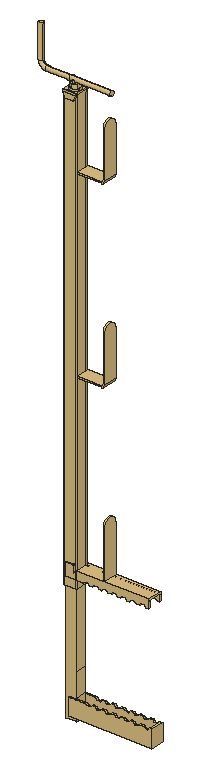
Revit family "EHL_CLAMP HANDRAIL 1m_2211240", category Modelos genéricos, Revit 2018
Family settings
  Puede alojar armadura = No
  Cota de conector redondo = Diámetro de uso
  Tipo de pieza = Normal
  Número OmniClass = 35.51.14.00
  Título OmniClass = FORMWORK
  Se basa en plano de trabajo = Sí
  Siempre vertical = No
  Corte con vacíos al cargar = No
  Compartido = Sí
  Punto de cálculo de habitación = No
Parameters
  VERSION = "20170217"  # constant formula
  URL = "www.ulmaconstruction.com/en"
  UNICLASS = ""
  REAL CLAMP POSITION [instance] = if(CLAMP POSITION < 20.000 mm, 20.000 mm, if(CLAMP POSITION > 700.000 mm, 700.000 mm, CLAMP POSITION))  # 250.000 mm
  Fabricante = "ULMA CONSTRUCTION"  # constant formula
  ITEM_CODE = "2211240"
  FILTER [instance] = ""
  FAMILY_CODE = ""
  Default Elevation = 0.000 mm
  CLASSIFICATION_TITLE = ""
  CLASSIFICATION_NUMBER = ""
  CLAMP POSITION [instance] = 250.000 mm
Reference planes
  plane 1 "Centro (Frontal/Posterior)": y = 0
  plane 2: z = 0
  plane 3 "Centro (Izquierda/Derecha)": x = 0
  plane 4 "REAL CLAMP POSITION": z = -250
  plane 5 "CLAMP POSITION": z = -250
Forms (mm)
  Extrusion 1, solid, material "ULMA BICHROMATE", detail levels fine
    sketch origin (0, 0, 0) x (1, 0, 0) y (0, 0, 1)
      loop
        line (39, 0) -> (42.5, 4) -> (50.5, 4) -> (54, 0) -> (61, 0) -> (64.5, 4) -> (72.5, 4) -> (76, 0) -> (83, 0) -> (86.5, 4) -> (94.5, 4) -> (98, 0) -> (105, 0) -> (108.5, 4) -> (116.5, 4) -> (120, 0) -> (127, 0) -> (130.5, 4) -> (138.5, 4) -> (142, 0) -> (149, 0) -> (152.5, 4) -> (160.5, 4) -> (164, 0) -> (170, 0) -> (170, 15) -> (170, 20) -> (0, 20) -> (0, 0) -> (17, 0) -> (20.5, 4) -> (28.5, 4) -> (32, 0) -> (39, 0)
    from -18 to 18
  Extrusion 2, void
    sketch origin (0, 0, 0) x (0, 1, 0) y (0, 0, 1)
      loop
        line (-15, 15) -> (-15, 0) -> (15, 0) -> (15, 15)
        arc (15, 15) -> (14.414, 16.414) -> (13, 17) r 2
        line (13, 17) -> (-13, 17)
        arc (-13, 17) -> (-14.414, 16.414) -> (-15, 15) r 2
    from 0 to 170
  Extrusion 3, solid, material "ULMA BICHROMATE", detail levels fine
    sketch origin (0, 0, 0) x (1, 0, 0) y (0, 0, 1)
      loop
        line (-24, 28) -> (-24, 0) -> (0, 0) -> (0, 16)
        arc (0, 16) -> (-0.068, 15.482) -> (-0.268, 15) r 2
        arc (-0.268, 15) -> (-2.518, 14.068) -> (-4, 16) r 2
        line (-4, 16) -> (-4, 28)
        arc (-4, 28) -> (-4.586, 29.414) -> (-6, 30) r 2
        line (-6, 30) -> (-22, 30)
        arc (-22, 30) -> (-23.414, 29.414) -> (-24, 28) r 2
    from 15 to 18
  Extrusion 4, solid, material "ULMA BICHROMATE", detail levels fine
    sketch origin (0, 33, 0) x (1, 0, 0) y (0, 0, 1)
      loop
        line (-24, 28) -> (-24, 0) -> (0, 0) -> (0, 16)
        arc (0, 16) -> (-0.068, 15.482) -> (-0.268, 15) r 2
        arc (-0.268, 15) -> (-2.518, 14.068) -> (-4, 16) r 2
        line (-4, 16) -> (-4, 28)
        arc (-4, 28) -> (-4.586, 29.414) -> (-6, 30) r 2
        line (-6, 30) -> (-22, 30)
        arc (-22, 30) -> (-23.414, 29.414) -> (-24, 28) r 2
    from 15 to 18
  Extrusion 5, solid, material "ULMA BICHROMATE", detail levels fine
    sketch origin (0, 0, 0) x (1, 0, 0) y (0, 1, 0)
      loop
        arc (-28, 15) -> (-29.414, 14.414) -> (-30, 13) r 2
        line (-30, 13) -> (-30, -13)
        arc (-30, -13) -> (-29.414, -14.414) -> (-28, -15) r 2
        line (-28, -15) -> (-2, -15)
        arc (-2, -15) -> (-0.586, -14.414) -> (0, -13) r 2
        line (0, -13) -> (0, 13)
        arc (0, 13) -> (-0.586, 14.414) -> (-2, 15) r 2
        line (-2, 15) -> (-28, 15)
      loop
        line (-28, -13) -> (-2, -13) -> (-2, 13) -> (-28, 13) -> (-28, -13)
    from -20 to 1010
  Extrusion 6, solid, material "ULMA BICHROMATE", detail levels fine
    sketch origin (0, 0, 0) x (0, 1, 0) y (0, 0, 1)
      loop
        arc (15, 131) -> (0, 146) -> (-15, 131) r 15
        line (-15, 131) -> (-15, 20) -> (15, 20) -> (15, 131)
    from 62 to 66
  Extrusion 7, solid, material "ULMA BICHROMATE", detail levels fine
    sketch origin (0, 0, 0) x (1, 0, 0) y (0, 0, 1)
      loop
        line (0, 850) -> (0, 846) -> (58, 846)
        arc (58, 846) -> (63.657, 848.343) -> (66, 854) r 8
        line (66, 854) -> (62, 854)
        arc (62, 854) -> (60.828, 851.172) -> (58, 850) r 4
        line (58, 850) -> (0, 850)
      loop
        line (0, 425) -> (0, 421) -> (58, 421)
        arc (58, 421) -> (63.657, 423.343) -> (66, 429) r 8
        line (66, 429) -> (62, 429)
        arc (62, 429) -> (60.828, 426.172) -> (58, 425) r 4
        line (58, 425) -> (0, 425)
    from -15 to 15
  Extrusion 8, solid, material "ULMA BICHROMATE", detail levels fine
    sketch origin (0, 0, 0) x (0, 1, 0) y (0, 0, 1)
      loop
        arc (15, 961) -> (0, 976) -> (-15, 961) r 15
        line (-15, 961) -> (-15, 854) -> (15, 854) -> (15, 961)
      loop
        arc (15, 536) -> (0, 551) -> (-15, 536) r 15
        line (-15, 536) -> (-15, 429) -> (15, 429) -> (15, 536)
    from 62 to 66
  Sweep 9, solid, material "ULMA BICHROMATE", detail levels fine
    path origin (0, 0, 0) x (1, 0, 0) y (0, 0, 1)
      loop
        line (-95, 1122.5) -> (-95, 1044.917)
        arc (-95, 1044.917) -> (-90.777, 1034.723) -> (-80.583, 1030.5) r 14.417
        line (-80.583, 1030.5) -> (-24.711, 1030.5) -> (70, 1030.5)
    profile origin (-95, 0, 1083.708) x (0, -1, 0) y (1, 0, 0)
      loop
        circle (0, 0) r 5
  Extrusion 10, solid, material "ULMA BICHROMATE", detail levels fine
    sketch origin (0, 0, 0) x (1, 0, 0) y (0, 0, 1)
      loop
        line (-30, 1010) -> (-25.987, 998.974)
        arc (-25.987, 998.974) -> (-24.888, 997.543) -> (-23.168, 997) r 3
        line (-23.168, 997) -> (-6.832, 997)
        arc (-6.832, 997) -> (-5.112, 997.543) -> (-4.013, 998.974) r 3
        line (-4.013, 998.974) -> (0, 1010) -> (0, 1013) -> (-30, 1013) -> (-30, 1010)
    from 15 to 18
  Extrusion 11, solid, material "ULMA BICHROMATE", detail levels fine
    sketch origin (0, 33, -0.002) x (1, 0, 0) y (0, 0, 1)
      loop
        line (-30, 1010) -> (-25.987, 998.974)
        arc (-25.987, 998.974) -> (-24.888, 997.543) -> (-23.168, 997) r 3
        line (-23.168, 997) -> (-6.832, 997)
        arc (-6.832, 997) -> (-5.112, 997.543) -> (-4.013, 998.974) r 3
        line (-4.013, 998.974) -> (0, 1010) -> (0, 1013) -> (-30, 1013) -> (-30, 1010)
    from 15 to 18
  Extrusion 12, solid, material "ULMA BICHROMATE"
    sketch origin (0, 0, 0) x (0, 1, 0) y (0, 0, 1)
      loop
        line (-18, 1013) -> (-18, 1010) -> (18, 1010) -> (18, 1013) -> (-18, 1013)
    from 0 to -30
  Extrusion 13, solid, material "ULMA BICHROMATE", detail levels fine
    sketch origin (0, 0, 0) x (1, 0, 0) y (0, 1, 0)
      loop
        circle (-15, 0) r 6
    from 30.5 to 1030.5
  Extrusion 14, solid, material "ULMA BICHROMATE", detail levels fine
    sketch origin (0, 0, 0) x (1, 0, 0) y (0, 1, 0)
      loop
        line (-15, 10.55) -> (-24.5, 5) -> (-24.5, -5.065) -> (-15, -10.55) -> (-5.5, -5.065) -> (-5.5, 5.065) -> (-15, 10.55)
    from 1015.5 to 1025.5
  Extrusion 15, solid, material "ULMA BICHROMATE", detail levels fine
    sketch origin (0, 0, 0) x (1, 0, 0) y (0, 1, 0)
      loop
        arc (-4.091, 5) -> (-15, 12) -> (-25.909, 5) r 12
        arc (-25.909, 5) -> (-26.724, 2.559) -> (-27, 0) r 12
        arc (-27, 0) -> (-26.724, -2.559) -> (-25.909, -5) r 12
        arc (-25.909, -5) -> (-15, -12) -> (-4.091, -5) r 12
        arc (-4.091, -5) -> (-3, 0) -> (-4.091, 5) r 12
    from 1015.5 to 1013
  Extrusion 16, solid, material "ULMA BICHROMATE", detail levels fine
    sketch origin (0, 0, -175) x (1, 0, 0) y (0, 0, 1)
      loop
        line (-25.5, -123) -> (-4.5, -123) -> (-2.5, -123) -> (-2.5, -115) -> (-2.5, -75) -> (-2.5, -20) -> (-2.5, 843) -> (-2.5, 845.25) -> (-2.5, 846.25) -> (-2.5, 848) -> (-2.5, 860) -> (-2.5, 861) -> (-2.5, 862) -> (-2.5, 864.959) -> (-2.5, 877) -> (-4.5, 877) -> (-25.5, 877) -> (-27.5, 877) -> (-27.5, 864.959) -> (-27.5, 862) -> (-27.5, 861) -> (-27.5, 860) -> (-27.5, 848) -> (-27.5, 846.25) -> (-27.5, 845.25) -> (-27.5, 843) -> (-27.5, -20) -> (-27.5, -123) -> (-25.5, -123)
    from -12.5 to 12.5
  Extrusion 17, solid, material "ULMA BICHROMATE", not visible, detail levels fine
    sketch origin (0, 0, 0) x (1, 0, 0) y (0, 0, 1)
      loop
        line (-25.5, -123) -> (-4.5, -123) -> (-2.5, -123) -> (-2.5, -115) -> (-2.5, -75) -> (-2.5, -20) -> (-2.5, 843) -> (-2.5, 845.25) -> (-2.5, 846.25) -> (-2.5, 848) -> (-2.5, 860) -> (-2.5, 861) -> (-2.5, 862) -> (-2.5, 864.959) -> (-2.5, 877) -> (-4.5, 877) -> (-25.5, 877) -> (-27.5, 877) -> (-27.5, 864.959) -> (-27.5, 862) -> (-27.5, 861) -> (-27.5, 860) -> (-27.5, 848) -> (-27.5, 846.25) -> (-27.5, 845.25) -> (-27.5, 843) -> (-27.5, -20) -> (-27.5, -123) -> (-25.5, -123)
    from -12.5 to 12.5
  Extrusion 18, solid, material "ULMA BICHROMATE", detail levels coarse+medium
    sketch origin (0, 0, 0) x (0, 1, 0) y (0, 0, 1)
      loop
        line (-18, 20) -> (-18, 0) -> (18, 0) -> (18, 20) -> (-18, 20)
    from 0 to 170
  Extrusion 19, solid, material "ULMA BICHROMATE", detail levels coarse+medium
    sketch origin (0, 0, 0) x (1, 0, 0) y (0, 0, 1)
      loop
        line (0, -298) -> (0, 1009.998) -> (-30, 1009.998) -> (-30, -298) -> (0, -298)
    from -15 to 15
  Extrusion 20, solid, material "ULMA BICHROMATE", detail levels fine
    sketch origin (0, 0, -30) x (1, 0, 0) y (0, 0, 1)
      loop
        line (169.5, -220) -> (166, -224) -> (158, -224) -> (154.5, -220) -> (147.5, -220) -> (144, -224) -> (136, -224) -> (132.5, -220) -> (125.5, -220) -> (122, -224) -> (114, -224) -> (110.5, -220) -> (103.5, -220) -> (100, -224) -> (92, -224) -> (88.5, -220) -> (81.5, -220) -> (78, -224) -> (70, -224) -> (66.5, -220) -> (59.5, -220) -> (56, -224) -> (48, -224) -> (44.5, -220) -> (37.5, -220) -> (34, -224) -> (26, -224) -> (22.5, -220) -> (-17.5, -220) -> (-17.5, -260) -> (170, -260) -> (175, -260) -> (175, -220) -> (169.5, -220)
    from -15.5 to 15.5
  Extrusion 21, solid, material "ULMA BICHROMATE", not visible, detail levels fine
    sketch origin (0, 0, 145) x (1, 0, 0) y (0, 0, 1)
      loop
        line (169.5, -220) -> (166, -224) -> (158, -224) -> (154.5, -220) -> (147.5, -220) -> (144, -224) -> (136, -224) -> (132.5, -220) -> (125.5, -220) -> (122, -224) -> (114, -224) -> (110.5, -220) -> (103.5, -220) -> (100, -224) -> (92, -224) -> (88.5, -220) -> (81.5, -220) -> (78, -224) -> (70, -224) -> (66.5, -220) -> (59.5, -220) -> (56, -224) -> (48, -224) -> (44.5, -220) -> (37.5, -220) -> (34, -224) -> (26, -224) -> (22.5, -220) -> (-17.5, -220) -> (-17.5, -260) -> (170, -260) -> (175, -260) -> (175, -220) -> (169.5, -220)
    from -15.5 to 15.5
  Extrusion 22, void
    sketch origin (0, 0, -30) x (1, 0, 0) y (0, 0, 1)
      loop
        line (-2.5, -260) -> (170, -260) -> (170, -220) -> (-2.5, -220) -> (-2.5, -260)
    from -12.5 to 12.5
  Extrusion 23, void, not visible
    sketch origin (0, 0, 145) x (1, 0, 0) y (0, 0, 1)
      loop
        line (-2.5, -260) -> (170, -260) -> (170, -220) -> (-2.5, -220) -> (-2.5, -260)
    from -12.5 to 12.5
  Extrusion 24, solid, material "ULMA BICHROMATE", detail levels coarse+medium
    sketch origin (0, 0, 250) x (1, 0, 0) y (0, 0, 1)
      loop
        line (175, -540) -> (175, -500) -> (0, -500) -> (0, -540) -> (175, -540)
    from 15.5 to -15.5
  Extrusion 25, solid, material "ULMA BICHROMATE", not visible, detail levels coarse+medium
    sketch origin (0, 0, 425) x (1, 0, 0) y (0, 0, 1)
      loop
        line (175, -540) -> (175, -500) -> (0, -500) -> (0, -540) -> (175, -540)
    from 15.5 to -15.5
Cuts and joins
  Extrusion 2 cuts Extrusion 1
  Extrusion 22 cuts Extrusion 16
  Extrusion 22 cuts Extrusion 20
Lines and regions (mm)
  model lines, style "ULMA HANDRAIL", detail levels fine
    curve 1: circle (25, 0, 20) r 4 normal (0, 0, 1)
    curve 2: circle (152, 0, 20) r 7.5 normal (0, 0, 1)
    curve 3: circle (66, 0, 56) r 3.25 normal (1, 0, 0)
    curve 4: circle (66, 0, 91) r 3.323 normal (1, 0, 0)
    curve 5: circle (66, 0, 126) r 3.25 normal (1, 0, 0)
    curve 6: circle (66, 0, 461) r 3.25 normal (1, 0, 0)
    curve 7: circle (66, 0, 496) r 3.323 normal (1, 0, 0)
    curve 8: circle (66, 0, 531) r 3.25 normal (1, 0, 0)
    curve 9: circle (66, 0, 886) r 3.25 normal (1, 0, 0)
    curve 10: circle (66, 0, 921) r 3.323 normal (1, 0, 0)
    curve 11: circle (66, 0, 956) r 3.25 normal (1, 0, 0)
    curve 12: circle (62, 0, 56) r 3.25 normal (1, 0, 0)
    curve 13: circle (62, 0, 91) r 3.323 normal (1, 0, 0)
    curve 14: circle (62, 0, 126) r 3.25 normal (1, 0, 0)
    curve 15: circle (62, 0, 461) r 3.25 normal (1, 0, 0)
    curve 16: circle (62, 0, 496) r 3.323 normal (1, 0, 0)
    curve 17: circle (62, 0, 531) r 3.25 normal (1, 0, 0)
    curve 18: circle (62, 0, 886) r 3.25 normal (1, 0, 0)
    curve 19: circle (62, 0, 921) r 3.323 normal (1, 0, 0)
    curve 20: circle (62, 0, 956) r 3.25 normal (1, 0, 0)
    curve 21: line (-25.5, 10.5, -298) -> (-4.5, 10.5, -298)
    curve 22: line (-4.5, 10.5, -298) -> (-4.5, -10.5, -298)
    curve 23: line (-25.5, -10.5, -298) -> (-25.5, 10.5, -298)
    curve 24: line (-25.5, -10.5, -298) -> (-4.5, -10.5, -298)
Dimensions and locks
  locked: Extrusion 19 to plane 2 at 1009.998
  "REAL CLAMP POSITION": plane 2 to plane 4 "REAL CLAMP POSITION"
  "CLAMP POSITION": plane 2 to plane 5 "CLAMP POSITION"
  aligned and locked: level to plane 2
  aligned and locked: Extrusion 19 to Extrusion 16
Automatic sketch dimensions
  Extrusion 1 sketch curve to plane 3 "Centro (Izquierda/Derecha)" = 0.000 mm
  Extrusion 1 sketch curve to level = 0.000 mm  (x8)
  Extrusion 1 sketch curve to Extrusion 1 sketch curve = 17.000 mm
  level to Extrusion 1 sketch curve = 4.000 mm  (x7)
  Extrusion 1 sketch curve to Extrusion 1 sketch curve = 3.500 mm  (x14)
  Extrusion 1 sketch curve to Extrusion 1 sketch curve = 8.000 mm  (x7)
  Extrusion 1 sketch curve to Extrusion 1 sketch curve = 7.000 mm  (x6)
  Extrusion 1 sketch curve to Extrusion 1 sketch curve = 9.500 mm
  Extrusion 1 sketch curve to Extrusion 1 sketch curve = 11.000 mm
  Extrusion 1 sketch curve to Extrusion 1 sketch curve = 5.000 mm
  Extrusion 2 sketch curve to level = 0.000 mm
  plane 1 "Centro (Frontal/Posterior)" to Extrusion 2 sketch curve = 15.000 mm
  Extrusion 2 sketch curve to Extrusion 2 sketch curve = 2.000 mm  (x2)
  Extrusion 2 sketch curve to plane 1 "Centro (Frontal/Posterior)" = 13.000 mm
  level to Extrusion 2 sketch curve = 15.000 mm
  Extrusion 3 sketch curve to Extrusion 3 sketch curve = 0.000 mm  (x3)
  Extrusion 3 sketch curve to level = 0.000 mm
  Extrusion 3 sketch curve to plane 3 "Centro (Izquierda/Derecha)" = 0.000 mm  (x2)
  Extrusion 3 sketch curve to plane 3 "Centro (Izquierda/Derecha)" = 2.000 mm
  Extrusion 3 sketch curve to Extrusion 3 sketch curve = 2.000 mm  (x2)
  Extrusion 3 sketch curve to Extrusion 3 sketch curve = 16.000 mm
  level to Extrusion 3 sketch curve = 16.000 mm
  Extrusion 3 sketch curve to Extrusion 3 sketch curve = 12.000 mm
  Extrusion 3 sketch curve to plane 3 "Centro (Izquierda/Derecha)" = 0.268 mm
  Extrusion 4 sketch curve to Extrusion 4 sketch curve = 0.000 mm  (x3)
  Extrusion 4 sketch curve to level = 0.000 mm
  Extrusion 4 sketch curve to plane 3 "Centro (Izquierda/Derecha)" = 0.000 mm  (x2)
  Extrusion 4 sketch curve to plane 3 "Centro (Izquierda/Derecha)" = 2.000 mm
  Extrusion 4 sketch curve to Extrusion 4 sketch curve = 2.000 mm  (x2)
  Extrusion 4 sketch curve to Extrusion 4 sketch curve = 16.000 mm
  level to Extrusion 4 sketch curve = 16.000 mm
  Extrusion 4 sketch curve to Extrusion 4 sketch curve = 12.000 mm
  Extrusion 4 sketch curve to plane 3 "Centro (Izquierda/Derecha)" = 0.268 mm
  Extrusion 5 sketch curve to plane 3 "Centro (Izquierda/Derecha)" = 0.000 mm
  Extrusion 5 sketch curve to plane 3 "Centro (Izquierda/Derecha)" = 2.000 mm  (x2)
  Extrusion 5 sketch curve to Extrusion 5 sketch curve = 0.000 mm  (x6)
  Extrusion 5 sketch curve to plane 1 "Centro (Frontal/Posterior)" = 13.000 mm
  Extrusion 5 sketch curve to Extrusion 5 sketch curve = 26.000 mm
  Extrusion 5 sketch curve to Extrusion 5 sketch curve = 2.000 mm
  plane 1 "Centro (Frontal/Posterior)" to Extrusion 5 sketch curve = 13.000 mm
  Extrusion 6 sketch curve to plane 1 "Centro (Frontal/Posterior)" = 0.000 mm
  plane 1 "Centro (Frontal/Posterior)" to Extrusion 6 sketch curve = 15.000 mm
  level to Extrusion 6 sketch curve = 20.000 mm
  Extrusion 6 sketch curve to Extrusion 6 sketch curve = 111.000 mm
  Extrusion 7 sketch curve to Extrusion 7 sketch curve = 0.000 mm  (x4)
  Extrusion 7 sketch curve to plane 3 "Centro (Izquierda/Derecha)" = 0.000 mm  (x2)
  plane 3 "Centro (Izquierda/Derecha)" to Extrusion 7 sketch curve = 58.000 mm  (x2)
  Extrusion 7 sketch curve to Extrusion 7 sketch curve = 4.000 mm  (x4)
  level to Extrusion 7 sketch curve = 421.000 mm
  Extrusion 7 sketch curve to Extrusion 7 sketch curve = 421.000 mm
  Extrusion 8 sketch curve to plane 1 "Centro (Frontal/Posterior)" = 0.000 mm  (x2)
  plane 1 "Centro (Frontal/Posterior)" to Extrusion 8 sketch curve = 15.000 mm  (x2)
  level to Extrusion 8 sketch curve = 429.000 mm
  Extrusion 8 sketch curve to Extrusion 8 sketch curve = 107.000 mm  (x2)
  Extrusion 8 sketch curve to Extrusion 8 sketch curve = 318.000 mm
  Sweep 9 sketch curve to plane 3 "Centro (Izquierda/Derecha)" = 95.000 mm
  Sweep 9 sketch curve to Sweep 9 sketch curve = 14.417 mm
  Sweep 9 sketch curve to plane 3 "Centro (Izquierda/Derecha)" = 24.711 mm
  level to Sweep 9 sketch curve = 1030.500 mm
  plane 3 "Centro (Izquierda/Derecha)" to Sweep 9 sketch curve = 70.000 mm
  Sweep 9 sketch curve to Sweep 9 sketch curve = 77.583 mm
  plane 1 "Centro (Frontal/Posterior)" to Sweep 9 sketch curve = 0.000 mm
  Sweep 9 sketch curve to profile plane = 0.000 mm
  Extrusion 10 sketch curve to plane 3 "Centro (Izquierda/Derecha)" = 0.000 mm
  Extrusion 10 sketch curve to plane 3 "Centro (Izquierda/Derecha)" = 4.013 mm
  Extrusion 10 sketch curve to Extrusion 10 sketch curve = 2.819 mm  (x2)
  Extrusion 10 sketch curve to Extrusion 10 sketch curve = 16.336 mm
  Extrusion 10 sketch curve to Extrusion 10 sketch curve = 4.013 mm
  level to Extrusion 10 sketch curve = 997.000 mm
  Extrusion 10 sketch curve to Extrusion 10 sketch curve = 1.974 mm  (x2)
  Extrusion 10 sketch curve to Extrusion 10 sketch curve = 11.026 mm  (x2)
  Extrusion 10 sketch curve to Extrusion 10 sketch curve = 3.000 mm
  Extrusion 11 sketch curve to plane 3 "Centro (Izquierda/Derecha)" = 0.000 mm
  Extrusion 11 sketch curve to plane 3 "Centro (Izquierda/Derecha)" = 4.013 mm
  Extrusion 11 sketch curve to Extrusion 11 sketch curve = 2.819 mm  (x2)
  Extrusion 11 sketch curve to Extrusion 11 sketch curve = 16.336 mm
  Extrusion 11 sketch curve to Extrusion 11 sketch curve = 4.013 mm
  level to Extrusion 11 sketch curve = 996.998 mm
  Extrusion 11 sketch curve to Extrusion 11 sketch curve = 1.974 mm  (x2)
  Extrusion 11 sketch curve to Extrusion 11 sketch curve = 11.026 mm  (x2)
  Extrusion 11 sketch curve to Extrusion 11 sketch curve = 3.000 mm
  plane 1 "Centro (Frontal/Posterior)" to Extrusion 12 sketch curve = 18.000 mm
  Extrusion 12 sketch curve to plane 1 "Centro (Frontal/Posterior)" = 18.000 mm
  level to Extrusion 12 sketch curve = 1010.000 mm
  Extrusion 12 sketch curve to Extrusion 12 sketch curve = 3.000 mm
  plane 1 "Centro (Frontal/Posterior)" to Extrusion 13 sketch curve = 0.000 mm
  Extrusion 13 sketch curve to plane 3 "Centro (Izquierda/Derecha)" = 15.000 mm
  Extrusion 14 sketch curve to plane 1 "Centro (Frontal/Posterior)" = 5.000 mm
  Extrusion 14 sketch curve to plane 3 "Centro (Izquierda/Derecha)" = 24.500 mm
  Extrusion 14 sketch curve to Extrusion 14 sketch curve = 9.500 mm  (x2)
  Extrusion 14 sketch curve to plane 3 "Centro (Izquierda/Derecha)" = 5.500 mm
  plane 1 "Centro (Frontal/Posterior)" to Extrusion 14 sketch curve = 5.065 mm  (x2)
  plane 1 "Centro (Frontal/Posterior)" to Extrusion 14 sketch curve = 10.550 mm
  Extrusion 14 sketch curve to plane 1 "Centro (Frontal/Posterior)" = 5.065 mm
  Extrusion 14 sketch curve to plane 1 "Centro (Frontal/Posterior)" = 10.550 mm
  Extrusion 15 sketch curve to Extrusion 15 sketch curve = 0.000 mm  (x20)
  plane 1 "Centro (Frontal/Posterior)" to Extrusion 15 sketch curve = 0.000 mm
  Extrusion 15 sketch curve to plane 3 "Centro (Izquierda/Derecha)" = 15.000 mm
  plane 1 "Centro (Frontal/Posterior)" to Extrusion 15 sketch curve = 5.000 mm
  Extrusion 15 sketch curve to Extrusion 15 sketch curve = 10.909 mm
  Extrusion 15 sketch curve to plane 1 "Centro (Frontal/Posterior)" = 5.000 mm
  Extrusion 15 sketch curve to plane 3 "Centro (Izquierda/Derecha)" = 4.091 mm  (x2)
  Extrusion 1 to curve 2 = 18.000 mm  (x2)
  curve 1 to Extrusion 1 = 25.000 mm
  Extrusion 1 to curve 1 = 18.000 mm
  curve 3 to Extrusion 8 = 15.000 mm
  curve 4 to Extrusion 8 = 15.000 mm
  curve 5 to Extrusion 8 = 15.000 mm
  curve 6 to Extrusion 8 = 15.000 mm
  curve 7 to Extrusion 8 = 15.000 mm
  curve 8 to Extrusion 8 = 15.000 mm
  curve 9 to Extrusion 8 = 15.000 mm
  curve 10 to Extrusion 8 = 15.000 mm
  curve 11 to Extrusion 8 = 15.000 mm
  Extrusion 8 to curve 3 = 373.000 mm
  curve 3 to curve 4 = 35.000 mm
  curve 4 to curve 5 = 35.000 mm
  curve 6 to Extrusion 8 = 32.000 mm
  curve 6 to curve 7 = 35.000 mm
  curve 7 to curve 8 = 35.000 mm
  curve 9 to Extrusion 8 = 32.000 mm
  curve 9 to curve 10 = 35.000 mm
  curve 10 to curve 11 = 35.000 mm
  Extrusion 6 to curve 12 = 15.000 mm
  Extrusion 6 to curve 13 = 15.000 mm
  Extrusion 6 to curve 14 = 15.000 mm
  Extrusion 6 to curve 15 = 15.000 mm
  Extrusion 6 to curve 16 = 15.000 mm
  Extrusion 6 to curve 17 = 15.000 mm
  Extrusion 6 to curve 18 = 15.000 mm
  Extrusion 6 to curve 19 = 15.000 mm
  Extrusion 6 to curve 20 = 15.000 mm
  Extrusion 6 to curve 12 = 36.000 mm
  curve 12 to curve 13 = 35.000 mm
  curve 13 to curve 14 = 35.000 mm
  curve 14 to curve 15 = 335.000 mm
  curve 15 to curve 16 = 35.000 mm
  curve 16 to curve 17 = 35.000 mm
  curve 17 to curve 18 = 355.000 mm
  curve 18 to curve 19 = 35.000 mm
  curve 19 to curve 20 = 35.000 mm
  curve 21 to Extrusion 16 = 0.000 mm
  curve 23 to Extrusion 16 = 0.000 mm
  curve 21 to Extrusion 16 = 2.000 mm
  curve 23 to Extrusion 16 = 2.000 mm
  Extrusion 18 sketch curve to level = 0.000 mm
  plane 1 "Centro (Frontal/Posterior)" to Extrusion 18 sketch curve = 18.000 mm
  Extrusion 18 sketch curve to plane 1 "Centro (Frontal/Posterior)" = 18.000 mm
  level to Extrusion 18 sketch curve = 20.000 mm
  Extrusion 19 sketch curve to plane 3 "Centro (Izquierda/Derecha)" = 0.000 mm
  Extrusion 19 sketch curve to Extrusion 19 sketch curve = 30.000 mm
  Extrusion 19 sketch curve to plane 4 "REAL CLAMP POSITION" = 48.000 mm
  level to Extrusion 19 sketch curve = 1009.998 mm
  Extrusion 16 sketch curve to Extrusion 16 sketch curve = 2.000 mm  (x3)
  Extrusion 16 sketch curve to Extrusion 16 sketch curve = 21.000 mm  (x2)
  Extrusion 16 sketch curve to Extrusion 16 sketch curve = 8.000 mm
  Extrusion 16 sketch curve to Extrusion 16 sketch curve = 40.000 mm
  Extrusion 16 sketch curve to Extrusion 16 sketch curve = 55.000 mm
  Extrusion 16 sketch curve to Extrusion 16 sketch curve = 0.000 mm  (x2)
  Extrusion 16 sketch curve to Extrusion 16 sketch curve = 863.000 mm
  Extrusion 16 sketch curve to Extrusion 16 sketch curve = 2.250 mm  (x2)
  Extrusion 16 sketch curve to Extrusion 16 sketch curve = 1.000 mm  (x6)
  Extrusion 16 sketch curve to Extrusion 16 sketch curve = 1.750 mm  (x2)
  Extrusion 16 sketch curve to Extrusion 16 sketch curve = 12.000 mm  (x2)
  Extrusion 16 sketch curve to Extrusion 16 sketch curve = 2.959 mm  (x2)
  Extrusion 16 sketch curve to Extrusion 16 sketch curve = 12.041 mm
  Extrusion 24 sketch curve to Extrusion 24 sketch curve = 175.000 mm
  Extrusion 24 sketch curve to Extrusion 24 sketch curve = 40.000 mm
  Extrusion 17 sketch curve to Extrusion 17 sketch curve = 2.000 mm  (x3)
  Extrusion 17 sketch curve to Extrusion 17 sketch curve = 21.000 mm  (x2)
  Extrusion 17 sketch curve to Extrusion 17 sketch curve = 8.000 mm
  Extrusion 17 sketch curve to Extrusion 17 sketch curve = 40.000 mm
  Extrusion 17 sketch curve to Extrusion 17 sketch curve = 55.000 mm
  Extrusion 17 sketch curve to Extrusion 17 sketch curve = 0.000 mm  (x2)
  Extrusion 17 sketch curve to Extrusion 17 sketch curve = 863.000 mm
  Extrusion 17 sketch curve to Extrusion 17 sketch curve = 2.250 mm  (x2)
  Extrusion 17 sketch curve to Extrusion 17 sketch curve = 1.000 mm  (x6)
  Extrusion 17 sketch curve to Extrusion 17 sketch curve = 1.750 mm  (x2)
  Extrusion 17 sketch curve to Extrusion 17 sketch curve = 12.000 mm  (x2)
  Extrusion 17 sketch curve to Extrusion 17 sketch curve = 2.959 mm  (x2)
  Extrusion 17 sketch curve to Extrusion 17 sketch curve = 12.041 mm
  Extrusion 25 sketch curve to Extrusion 25 sketch curve = 175.000 mm
  Extrusion 25 sketch curve to Extrusion 25 sketch curve = 40.000 mm
  radius of Sweep 9 sketch curve = 5.000 mm
  radius of Extrusion 13 sketch curve = 6.000 mm
  radius of curve 1 = 4.000 mm
  radius of curve 2 = 7.500 mm
  radius of curve 3 = 3.250 mm
  radius of curve 4 = 3.323 mm
  radius of curve 5 = 3.250 mm
  radius of curve 6 = 3.250 mm
  radius of curve 7 = 3.323 mm
  radius of curve 8 = 3.250 mm
  radius of curve 9 = 3.250 mm
  radius of curve 10 = 3.323 mm
  radius of curve 11 = 3.250 mm
  radius of curve 12 = 3.250 mm
  radius of curve 13 = 3.323 mm
  radius of curve 14 = 3.250 mm
  radius of curve 15 = 3.250 mm
  radius of curve 16 = 3.323 mm
  radius of curve 17 = 3.250 mm
  radius of curve 18 = 3.250 mm
  radius of curve 19 = 3.323 mm
  radius of curve 20 = 3.250 mm
